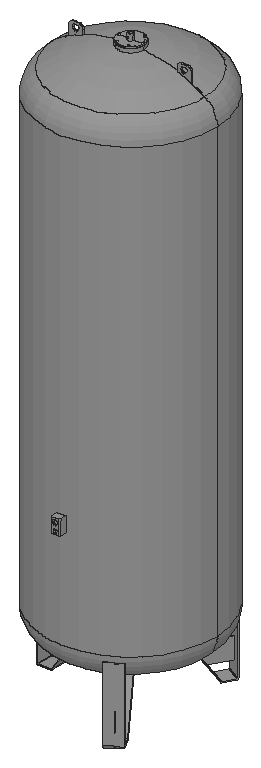
Revit family "WAV 10000", category Оборудование, Revit 2014
Parameters
  Описание = "Мембранный бак для водоснабжения V=10000л, Py=10бар, DN100"
  Материал = Синяя краска
  Масса кг = "1920"
  Комментарии к типоразмеру = "WAV 10000"
  Изготовитель = "WESTER"  # constant formula
  URL = "http://www.wester.su/"
Reference planes
  plane 1 "По центру (Вперед/Назад)": y = 0
  plane 2: z = 0
  plane 3 "По центру (Влево/Вправо)": x = 0
Forms (mm)
  Revolve 1, solid, material "Синяя краска" <- "Материал"
    sketch origin (161.5, 0, 805.958) x (0, 0, 1) y (-1, 0, 0)
      loop
        line (-440.974, 161.5) -> (4564.042, 161.5) -> (4564.042, 281.538)
        arc (4564.042, 281.538) -> (4501.051, 575.629) -> (4370.853, 846.748) r 1273.597
        arc (4370.853, 846.748) -> (4281.132, 930.93) -> (4161.963, 961.51) r 247.493
        line (4161.963, 961.51) -> (-48.037, 961.51)
        arc (-48.037, 961.51) -> (-167.066, 930.985) -> (-256.716, 846.945) r 247.335
        arc (-256.716, 846.945) -> (-374.619, 610.106) -> (-440.974, 354) r 1271.891
        line (-440.974, 354) -> (-440.974, 161.5)
      axis (-440.974, 161.5) -> (4564.042, 161.5)
    angle from 0 to 360
  Revolve 2, solid, material "Синяя краска" <- "Материал"
    sketch origin (0, 0, 604.512) x (-1, 0, 0) y (0, 0, -1)
      loop
        line (0, 239.527) -> (192.5, 239.527) -> (192.5, 254.559) -> (166.016, 254.559) -> (166.016, 264.512) -> (192.5, 264.512) -> (192.5, 284.512) -> (60.592, 284.512) -> (60.592, 364.512) -> (55.131, 364.512) -> (55.131, 284.516) -> (0, 284.516) -> (0, 239.527)
      axis (0, 364.512) -> (0, 239.527)
    angle from 0 to 360
  Revolve 3, solid, material "Синяя краска" <- "Материал"
    sketch origin (0, 0, 4773.511) x (1, 0, 0) y (0, 0, 1)
      loop
        line (-24.298, 691.489) -> (-24.298, 641.489) -> (-120.038, 641.489) -> (-120.038, 633.489) -> (-99.923, 633.489) -> (-99.923, 626.489) -> (-120.038, 626.489) -> (-120.038, 596.489) -> (0, 596.489) -> (0, 641.489) -> (-19.533, 641.489) -> (-19.533, 691.489) -> (-24.298, 691.489)
      axis (0, 691.489) -> (0, 596.489)
    angle from 0 to 360
  Extrusion 4, solid, material "Синяя краска" <- "Материал"
    sketch origin (0, -96.875, 0) x (1, 0, 0) y (0, 1, 0)
      loop
        line (42.5, -758.125) -> (42.5, -693.125) -> (-42.5, -693.125) -> (-42.5, -758.125)
        arc (-42.5, -758.125) -> (-39.571, -765.196) -> (-32.5, -768.125) r 10
        line (-32.5, -768.125) -> (32.5, -768.125)
        arc (32.5, -768.125) -> (39.571, -765.196) -> (42.5, -758.125) r 10
    from 1700 to 1838
  Extrusion 5, void
    sketch origin (0, 0, 660) x (1, 0, 0) y (0, 0, 1)
      loop
        circle (0, 1139.927) r 25
      loop
        circle (0, 1069.302) r 20
    from 855 to 865
  Extrusion 6, solid, material "Синяя краска" <- "Материал"
    sketch origin (0, 0, 2201.25) x (1, 0, 0) y (0, 0, 1)
      loop
        line (565, 3023.75) -> (565, 3138.75)
        arc (565, 3138.75) -> (553.284, 3167.034) -> (525, 3178.75) r 40
        line (525, 3178.75) -> (475, 3178.75)
        arc (475, 3178.75) -> (446.716, 3167.034) -> (435, 3138.75) r 40
        line (435, 3138.75) -> (435, 3023.75) -> (565, 3023.75)
      loop
        circle (499.73, 3132.877) r 30
      loop
        line (-565, 3023.75) -> (-435, 3023.75) -> (-435, 3138.75)
        arc (-435, 3138.75) -> (-446.716, 3167.034) -> (-475, 3178.75) r 40
        line (-475, 3178.75) -> (-525, 3178.75)
        arc (-525, 3178.75) -> (-553.284, 3167.034) -> (-565, 3138.75) r 40
        line (-565, 3138.75) -> (-565, 3023.75)
      loop
        circle (-499.73, 3132.877) r 30
    from -3.5 to 3.5
  Extrusion 7, solid, material "Синяя краска" <- "Материал"
    sketch origin (0, 0, 0) x (1, 0, 0) y (0, 0, 1)
      loop
        line (-794, 320) -> (-794, 120) -> (-588.525, 120) -> (-448.87, 320) -> (-794, 320)
    from -3 to 3
  Extrusion 8, solid, material "Синяя краска" <- "Материал"
    sketch origin (0, 0, 0) x (1, 0, 0) y (0, 0, 1)
      loop
        line (-661.418, 5.13) -> (-378.496, 410.303) -> (-384.502, 412.182) -> (-666.337, 8.565)
        arc (-666.337, 8.565) -> (-668.483, 6.68) -> (-671.257, 6) r 6
        line (-671.257, 6) -> (-788, 6)
        arc (-788, 6) -> (-792.243, 7.757) -> (-794, 12) r 6
        line (-794, 12) -> (-794, 703.818) -> (-800, 703.818) -> (-800, 12)
        arc (-800, 12) -> (-796.485, 3.515) -> (-788, 0) r 12
        line (-788, 0) -> (-671.257, 0)
        arc (-671.257, 0) -> (-665.709, 1.359) -> (-661.418, 5.13) r 12
    from -80 to 80
  Extrusion 9, solid, material "Синяя краска" <- "Материал"
    sketch origin (0.362, -0.627, 0) x (-0.5, 0.866025, 0) y (0, 0, 1)
      loop
        line (-661.418, 5.13) -> (-378.496, 410.303) -> (-384.502, 412.182) -> (-666.337, 8.565)
        arc (-666.337, 8.565) -> (-668.483, 6.68) -> (-671.257, 6) r 6
        line (-671.257, 6) -> (-788, 6)
        arc (-788, 6) -> (-792.243, 7.757) -> (-794, 12) r 6
        line (-794, 12) -> (-794, 703.818) -> (-800, 703.818) -> (-800, 12)
        arc (-800, 12) -> (-796.485, 3.515) -> (-788, 0) r 12
        line (-788, 0) -> (-671.257, 0)
        arc (-671.257, 0) -> (-665.709, 1.359) -> (-661.418, 5.13) r 12
    from -80 to 80
  Extrusion 10, solid, material "Синяя краска" <- "Материал"
    sketch origin (0.571, 0.988, 0) x (-0.5, -0.866025, 0) y (0, 0, 1)
      loop
        line (-661.418, 5.13) -> (-378.496, 410.303) -> (-384.502, 412.182) -> (-666.337, 8.565)
        arc (-666.337, 8.565) -> (-668.483, 6.68) -> (-671.257, 6) r 6
        line (-671.257, 6) -> (-788, 6)
        arc (-788, 6) -> (-792.243, 7.757) -> (-794, 12) r 6
        line (-794, 12) -> (-794, 703.818) -> (-800, 703.818) -> (-800, 12)
        arc (-800, 12) -> (-796.485, 3.515) -> (-788, 0) r 12
        line (-788, 0) -> (-671.257, 0)
        arc (-671.257, 0) -> (-665.709, 1.359) -> (-661.418, 5.13) r 12
    from -80 to 80
  Extrusion 11, solid, material "Синяя краска" <- "Материал"
    sketch origin (0.362, -0.627, 0) x (-0.5, 0.866025, 0) y (0, 0, 1)
      loop
        line (-794, 320) -> (-794, 120) -> (-588.525, 120) -> (-448.87, 320) -> (-794, 320)
    from -3 to 3
  Extrusion 12, solid, material "Синяя краска" <- "Материал"
    sketch origin (0.571, 0.988, 0) x (-0.5, -0.866025, 0) y (0, 0, 1)
      loop
        line (-794, 320) -> (-794, 120) -> (-588.525, 120) -> (-448.87, 320) -> (-794, 320)
    from -3 to 3
Cuts and joins
  Extrusion 5 cuts Extrusion 4
  joined: Revolve 1, Extrusion 4, Extrusion 6
  joined: Extrusion 10, Extrusion 12
  joined: Extrusion 9, Extrusion 11
  joined: Extrusion 7, Extrusion 8
Dimensions and locks
  aligned and locked: level to plane 2
Nested families
  nested 1: "Болт" at (0, -175.057, 320) x (0, 1, 0) z (0, 0, -1), type "Болт"
  nested 2: "Болт" at (-123.981, -123.959, 320) x (-0.2588, 0.9659, 0) z (0, 0, -1), type "Болт"
  nested 3: "Болт" at (-175, 0, 320) x (1, 0, 0) z (0, 0, -1), type "Болт"
  nested 4: "Болт" at (123.52, 123.921, 320) x (-0.2588, 0.9659, 0) z (0, 0, -1), type "Болт"
  nested 5: "Болт" at (-123.576, 123.61, 320) x (0.2588, 0.9659, 0) z (0, 0, -1), type "Болт"
  nested 6: "Болт" at (123.798, -123.873, 320) x (0.9659, 0.2588, 0) z (0, 0, -1), type "Болт"
  nested 7: "Болт" at (175, 0, 320) x (-1, 0, 0) z (0, 0, -1), type "Болт"
  nested 8: "Болт" at (0, 175.033, 320) x (0, -1, 0) z (0, 0, -1), type "Болт"
  nested 9: "Болт" at (-108.026, 0, 5415) x (-1, 0, 0) z (0, 0, 1), type "Болт"
    with L 30 mm
  nested 10: "Болт" at (108.026, 0, 5415), type "Болт"
    with L 30 mm
  nested 11: "Болт" at (54.046, -93.483, 5415), type "Болт"
    with L 30 mm
  nested 12: "Болт" at (-54.046, -93.483, 5415) x (-1, 0, 0) z (0, 0, 1), type "Болт"
    with L 30 mm
  nested 13: "Болт" at (54.046, 93.483, 5415), type "Болт"
    with L 30 mm
  nested 14: "Болт" at (-54.046, 93.483, 5415) x (-1, 0, 0) z (0, 0, 1), type "Болт"
    with L 30 mm
Connectors
  piping at (0, 0, 240), diameter 100
    settings: on Revolve 2, index 1, connector inside diameter 609.6 mm, connector length 0 mm, flow factor 0, pipe flow 0.0 L/s, pressure drop 0.0 Pa, fitting loss kfactor 0, connector angle 0.00°, fixture units 0, engagement length 0 mm, angle of deflection 0.00°, flow configuration 1, flow direction 0, fitting loss method 0, system type 29, joint type 0, gender type 0, connector reference index -1, connector utility 0, adjustable connector no, is connector primary yes, connector description ""
Definition of nested family "Болт"
  Parameters (values of type "Болт")
    Default Elevation = 1219.2 mm
    L [instance] = 30 mm
  Reference planes
    plane 1 "По центру (Вперед/Назад)": y = 0
    plane 2: z = 0
    plane 3 "По центру (Влево/Вправо)": x = 0
    plane 4: z = -30
  Forms (mm)
    Extrusion 1, solid
      sketch origin (0, 0, 0) x (1, 0, 0) y (0, 1, 0)
        loop
          line (-1219.2, 1219.2) -> (-1219.2, -1219.2) -> (1219.2, -1219.2) -> (1219.2, 1219.2) -> (-1219.2, 1219.2)
      from 0 to -304.8
    Extrusion 2, solid, detail levels medium+fine
      sketch origin (0, 0, 0) x (0, 1, 0) y (-1, 0, 0)
        loop
          line (-6.5, -3.753) -> (0, -7.506) -> (6.5, -3.753) -> (6.5, 3.753) -> (0, 7.506) -> (-6.5, 3.753) -> (-6.5, -3.753)
      from 0 to 5.3
    Extrusion 3, solid, detail levels medium+fine
      sketch origin (0, 0, 0) x (1, 0, 0) y (0, 1, 0)
        loop
          circle (0, 0) r 4
      from -30 to 0
    Revolve 4, void
      sketch origin (0, 0, 0) x (1, 0, 0) y (0, 0, 1)
        loop
          line (-7.506, 4.447) -> (-6.413, 5.3) -> (-7.506, 5.3) -> (-7.506, 4.447)
        axis (0, 5.3) -> (0, 4.3)
      angle from 0 to 360
    Revolve 5, void
      sketch origin (0, 0, -51.56) x (1, 0, 0) y (0, 0, 1)
        loop
          line (-4, 21.56) -> (-2.365, 21.56) -> (-4, 23.195) -> (-4, 21.56)
        axis (0, 23.195) -> (0, 21.56)
      angle from 0 to 360
  Cuts and joins
    Revolve 4 cuts Extrusion 2
    Revolve 5 cuts Extrusion 3
    joined: Extrusion 2, Extrusion 3
  Dimensions and locks
    Extrusion 1 to cut or joined group of Extrusion 2, Extrusion 3, Revolve 4, Revolve 5 = 30 mm
    "L": level to plane 4
    locked: Revolve 5 sketch curve to plane 4 at 1.635
    aligned and locked: plane 2 to Extrusion 1
    aligned and locked: level to Extrusion 1
    aligned and locked: Revolve 4 sketch curve to plane 3 "По центру (Влево/Вправо)"
    aligned and locked: cut or joined group of Extrusion 2, Extrusion 3, Revolve 4, Revolve 5 to Revolve 4 sketch curve
    aligned and locked: Extrusion 3 to plane 4
    aligned and locked: cut or joined group of Extrusion 2, Extrusion 3, Revolve 4, Revolve 5 to plane 4
  Automatic sketch dimensions
    Extrusion 1 sketch curve to Extrusion 1 sketch curve = 2438.4 mm  (x2)
    plane 1 "По центру (Вперед/Назад)" to Extrusion 2 sketch curve = 0 mm  (x2)
    plane 1 "По центру (Вперед/Назад)" to Extrusion 2 sketch curve = 6.5 mm
    Extrusion 2 sketch curve to plane 1 "По центру (Вперед/Назад)" = 6.5 mm
    plane 3 "По центру (Влево/Вправо)" to Extrusion 2 sketch curve = 7.506 mm
    plane 3 "По центру (Влево/Вправо)" to Extrusion 2 sketch curve = 3.753 mm  (x2)
    Extrusion 2 sketch curve to plane 3 "По центру (Влево/Вправо)" = 3.753 mm  (x2)
    Extrusion 2 sketch curve to plane 3 "По центру (Влево/Вправо)" = 7.506 mm
    plane 1 "По центру (Вперед/Назад)" to Extrusion 3 sketch curve = 0 mm
    Extrusion 3 sketch curve to plane 3 "По центру (Влево/Вправо)" = 0 mm
    Revolve 4 sketch curve to plane 3 "По центру (Влево/Вправо)" = 6.413 mm
    Revolve 4 sketch curve to Revolve 4 sketch curve = 1.092 mm
    Revolve 4 sketch curve to Revolve 4 sketch curve = 0.853 mm
    Revolve 4 sketch curve to plane 4 = 544.04 mm
    Revolve 4 sketch curve to Revolve 4 sketch curve = 2603.758 mm
    plane 3 "По центру (Влево/Вправо)" to Revolve 5 sketch curve = 0 mm
    Revolve 5 sketch curve to plane 3 "По центру (Влево/Вправо)" = 2.365 mm
    Revolve 5 sketch curve to Revolve 5 sketch curve = 1.635 mm  (x2)
    Revolve 5 sketch curve to plane 4 = 595.6 mm
    level to Revolve 5 sketch curve = 2557.498 mm
    radius of Extrusion 3 sketch curve = 4 mm
